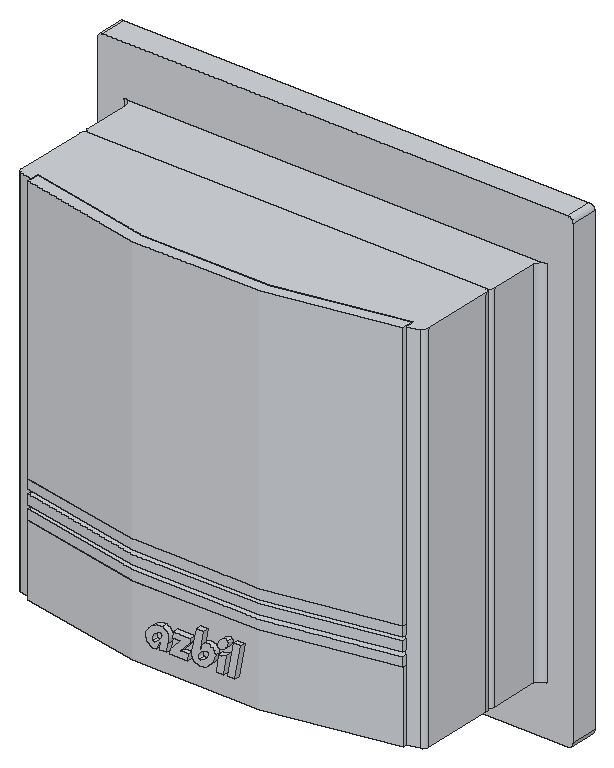
Revit family "室内用湿度ｾﾝｻｰver.2021(ロゴあり)", category 電気設備, Revit 2021
Family settings
  パネル構成 = 二列表示、回路横
  丸型コネクタ寸法 = 直径を使用
  パーツ タイプ = 分電盤
  OmniClass 番号 = 23.80.30.11.17
  OmniClass タイトル = Distribution Boards and Control Panels
  作業面ベース = いいえ
  常に垂直 = はい
  ロード時にボイドで切り取り = いいえ
  共有 = いいえ
  部屋計算ポイント = いいえ
Parameters
  電線管φ [instance] = 1 mm
  Default Elevation = 0 mm
  built-in parameter 1155100 [instance] = -1
  built-in parameter 1140142 [instance] = -1
  built-in parameter 1140140 [instance] = 1 (stored number, unit not read)
Reference planes
  plane 1 "中心(正面/背面)": y = 0
  plane 2: z = 0
  plane 3 "中心(左/右)": x = 0
Forms (mm)
  Extrusion 1, solid
    sketch origin (0, 0, 0) x (1, 0, 0) y (0, 0, 1)
      loop
        arc (-45, -44) -> (-44.707, -44.707) -> (-44, -45) r 1
        line (-44, -45) -> (44, -45)
        arc (44, -45) -> (44.707, -44.707) -> (45, -44) r 1
        line (45, -44) -> (45, 44)
        arc (45, 44) -> (44.707, 44.707) -> (44, 45) r 1
        line (44, 45) -> (-44, 45)
        arc (-44, 45) -> (-44.707, 44.707) -> (-45, 44) r 1
        line (-45, 44) -> (-45, -44)
    from -27.5 to -22.5
  Extrusion 2, solid
    sketch origin (0, 0, 0) x (1, 0, 0) y (0, 1, 0)
      loop
        arc (-40, 22.5) -> (-38.939, 22.061) -> (-38.5, 21) r 1.5
        line (-38.5, 21) -> (-38.5, 12)
        arc (-38.5, 12) -> (-38.207, 11.293) -> (-37.5, 11) r 1
        line (-37.5, 11) -> (37.5, 11)
        arc (37.5, 11) -> (38.207, 11.293) -> (38.5, 12) r 1
        line (38.5, 12) -> (38.5, 21)
        arc (38.5, 21) -> (38.939, 22.061) -> (40, 22.5) r 1.5
        line (40, 22.5) -> (-40, 22.5)
    from -35.5 to 35.41
  Extrusion 3, solid
    sketch origin (0, 0, 0) x (1, 0, 0) y (0, 1, 0)
      loop
        arc (-37.5, 11) -> (-38.207, 10.707) -> (-38.5, 10) r 1
        line (-38.5, 10) -> (-38.5, -3.669)
        arc (-38.5, -3.669) -> (-38.307, -4.259) -> (-37.804, -4.622) r 1
        arc (-37.804, -4.622) -> (-36.654, -4.982) -> (-35.5, -5.331) r 124.5
        line (-35.5, -5.331) -> (-35.5, -3.557)
        arc (-35.5, -3.557) -> (0, -8.8) -> (35.5, -3.557) r 122.8
        line (35.5, -3.557) -> (35.5, -5.331)
        arc (35.5, -5.331) -> (36.654, -4.982) -> (37.804, -4.622) r 124.5
        arc (37.804, -4.622) -> (38.307, -4.259) -> (38.5, -3.669) r 1
        line (38.5, -3.669) -> (38.5, 10)
        arc (38.5, 10) -> (38.207, 10.707) -> (37.5, 11) r 1
        line (37.5, 11) -> (-37.5, 11)
    from -35.5 to 35.5
  Extrusion 4, solid
    sketch origin (0, 0, 0) x (1, 0, 0) y (0, 1, 0)
      loop
        arc (-35.5, -5.853) -> (0, -11) -> (35.5, -5.853) r 125
        line (35.5, -5.853) -> (35.5, -3.557)
        arc (35.5, -3.557) -> (0, -8.8) -> (-35.5, -3.557) r 122.8
        line (-35.5, -3.557) -> (-35.5, -5.853)
    from -35.5 to -22
  Extrusion 5, solid
    sketch origin (0, -0.043, 0) x (1, 0, 0) y (0, 1, 0)
      loop
        arc (-35.5, -5.853) -> (0, -11) -> (35.5, -5.853) r 125
        line (35.5, -5.853) -> (35.5, -3.557)
        arc (35.5, -3.557) -> (0, -8.8) -> (-35.5, -3.557) r 122.8
        line (-35.5, -3.557) -> (-35.5, -5.853)
    from -15 to 35.5
  Extrusion 6, solid
    sketch origin (0, -0.043, -4.4) x (1, 0, 0) y (0, 1, 0)
      loop
        arc (-35.5, -5.853) -> (0, -11) -> (35.5, -5.853) r 125
        line (35.5, -5.853) -> (35.5, -3.557)
        arc (35.5, -3.557) -> (0, -8.8) -> (-35.5, -3.557) r 122.8
        line (-35.5, -3.557) -> (-35.5, -5.853)
    from -15 to -13.2
  Extrusion 7, solid
    sketch origin (0, -0.043, -1.8) x (1, 0, 0) y (0, 1, 0)
      loop
        arc (-35.5, -5.853) -> (0, -11) -> (35.5, -5.853) r 125
        line (35.5, -5.853) -> (35.5, -3.557)
        arc (35.5, -3.557) -> (0, -8.8) -> (-35.5, -3.557) r 122.8
        line (-35.5, -3.557) -> (-35.5, -5.853)
    from -15 to -13.2
  Extrusion 8, solid
    sketch origin (0, -0.043, -7) x (1, 0, 0) y (0, 1, 0)
      loop
        arc (-35.5, -5.853) -> (0, -11) -> (35.5, -5.853) r 125
        line (35.5, -5.853) -> (35.5, -3.557)
        arc (35.5, -3.557) -> (0, -8.8) -> (-35.5, -3.557) r 122.8
        line (-35.5, -3.557) -> (-35.5, -5.853)
    from -15 to -13.2
  Extrusion 9, solid
    sketch origin (0.579, -15.492, -234.375) x (1, 0, 0) y (0, 0, 1)
      loop
        line (2.028, 209.479) -> (0.657, 209.479) -> (-0.164, 205.244)
        arc (-0.164, 205.244) -> (-0.148, 204.505) -> (0.171, 203.837) r 1.754
        arc (0.171, 203.837) -> (1.022, 203.478) -> (1.944, 203.525) r 2.069
        arc (1.944, 203.525) -> (3.516, 204.557) -> (4.213, 206.303) r 3.13
        arc (4.213, 206.303) -> (3.45, 207.476) -> (2.05, 207.488) r 1.479
        line (2.05, 207.488) -> (1.419, 206.337) -> (2.028, 209.479)
      loop
        line (7.636, 209.479) -> (6.586, 203.521) -> (7.957, 203.521) -> (9.008, 209.479) -> (7.636, 209.479)
      loop
        line (5.782, 203.521) -> (6.389, 206.963)
        arc (6.389, 206.963) -> (5.696, 206.683) -> (4.953, 206.603) r 2.712
        line (4.953, 206.603) -> (4.41, 203.521) -> (5.782, 203.521)
      loop
        line (-4.41, 203.521) -> (-0.981, 203.521) -> (-0.781, 204.656) -> (-2.4, 204.656) -> (-0.508, 206.642) -> (-0.342, 207.493) -> (-3.677, 207.493) -> (-3.877, 206.358) -> (-2.297, 206.358) -> (-4.254, 204.401) -> (-4.41, 203.521)
      loop
        arc (-4.811, 205.09) -> (-4.628, 206.587) -> (-5.775, 207.566) r 1.594
        arc (-5.775, 207.566) -> (-7.883, 206.92) -> (-8.997, 205.017) r 3.033
        arc (-8.997, 205.017) -> (-8.305, 203.731) -> (-6.863, 203.502) r 1.646
        line (-6.863, 203.502) -> (-6.23, 204.656) -> (-6.372, 203.521) -> (-4.978, 203.521)
        arc (-4.978, 203.521) -> (-4.916, 204.308) -> (-4.811, 205.09) r 14.52
      loop
        spline (4.823, 207.767) -> (4.981, 207.669) -> (5.188, 207.637) -> (5.429, 207.673) -> (5.689, 207.775) -> (5.949, 207.936) -> (6.192, 208.146) -> (6.401, 208.389) -> (6.562, 208.649) -> (6.665, 208.909) -> (6.701, 209.15) -> (6.669, 209.357) -> (6.571, 209.514)
        spline (6.571, 209.514) -> (6.413, 209.613) -> (6.206, 209.645) -> (5.965, 209.609) -> (5.705, 209.506) -> (5.445, 209.345) -> (5.202, 209.136) -> (4.993, 208.893) -> (4.831, 208.632) -> (4.729, 208.373) -> (4.693, 208.131) -> (4.725, 207.925) -> (4.823, 207.767)
    from -4.5 to -3.547
  Extrusion 10, void
    sketch origin (0.653, -15.156, -234.375) x (1, 0, 0) y (0, 0, 1)
      loop
        spline (-7.641, 204.685) -> (-7.501, 204.603) -> (-7.315, 204.582) -> (-7.094, 204.626) -> (-6.854, 204.73) -> (-6.611, 204.887) -> (-6.381, 205.088) -> (-6.181, 205.318) -> (-6.023, 205.561) -> (-5.919, 205.801) -> (-5.875, 206.022) -> (-5.896, 206.208) -> (-5.978, 206.347)
        spline (-5.978, 206.347) -> (-6.117, 206.43) -> (-6.304, 206.45) -> (-6.525, 206.407) -> (-6.765, 206.303) -> (-7.008, 206.145) -> (-7.238, 205.945) -> (-7.438, 205.715) -> (-7.596, 205.472) -> (-7.7, 205.231) -> (-7.743, 205.011) -> (-7.723, 204.824) -> (-7.641, 204.685)
      loop
        spline (1.155, 204.646) -> (1.294, 204.563) -> (1.48, 204.543) -> (1.701, 204.587) -> (1.941, 204.691) -> (2.184, 204.848) -> (2.414, 205.049) -> (2.615, 205.278) -> (2.772, 205.522) -> (2.876, 205.762) -> (2.92, 205.983) -> (2.899, 206.169) -> (2.817, 206.308)
        spline (2.817, 206.308) -> (2.678, 206.391) -> (2.491, 206.411) -> (2.27, 206.368) -> (2.03, 206.264) -> (1.787, 206.106) -> (1.557, 205.906) -> (1.357, 205.676) -> (1.199, 205.433) -> (1.095, 205.192) -> (1.052, 204.972) -> (1.072, 204.785) -> (1.155, 204.646)
    from -4.163 to -2.257
  Extrusion 11, solid
    sketch origin (0, 0, 0) x (1, 0, 0) y (0, 0, 1)
      loop
        circle (0, 0) r 0.5
    from -27.5 to -11
Cuts and joins
  Extrusion 10 cuts Extrusion 9
Dimensions and locks
  "電線管φ": diameter of Extrusion 11 sketch curve
  aligned and locked: level to plane 2
Automatic sketch dimensions
  Extrusion 1 sketch curve to plane 3 "中心(左/右)" = 45 mm
  Extrusion 1 sketch curve to Extrusion 1 sketch curve = 1 mm  (x3)
  plane 3 "中心(左/右)" to Extrusion 1 sketch curve = 44 mm  (x2)
  Extrusion 1 sketch curve to level = 45 mm
  level to Extrusion 1 sketch curve = 44 mm
  Extrusion 2 sketch curve to plane 3 "中心(左/右)" = 40 mm
  Extrusion 2 sketch curve to Extrusion 2 sketch curve = 1.5 mm  (x2)
  Extrusion 2 sketch curve to Extrusion 2 sketch curve = 1 mm  (x2)
  Extrusion 2 sketch curve to plane 1 "中心(正面/背面)" = 11 mm
  plane 3 "中心(左/右)" to Extrusion 2 sketch curve = 37.5 mm
  Extrusion 2 sketch curve to Extrusion 2 sketch curve = 9 mm  (x2)
  Extrusion 2 sketch curve to Extrusion 2 sketch curve = 0 mm  (x3)
  Extrusion 3 sketch curve to Extrusion 3 sketch curve = 0 mm  (x6)
  Extrusion 3 sketch curve to plane 3 "中心(左/右)" = 0 mm
  plane 1 "中心(正面/背面)" to Extrusion 3 sketch curve = 5.331 mm  (x2)
  Extrusion 3 sketch curve to plane 3 "中心(左/右)" = 35.5 mm
  Extrusion 3 sketch curve to Extrusion 3 sketch curve = 2 mm  (x4)
  Extrusion 3 sketch curve to Extrusion 3 sketch curve = 1 mm  (x2)
  plane 3 "中心(左/右)" to Extrusion 3 sketch curve = 35.5 mm
  Extrusion 3 sketch curve to Extrusion 3 sketch curve = 1.662 mm  (x2)
  Extrusion 3 sketch curve to Extrusion 3 sketch curve = 1.775 mm
  Extrusion 3 sketch curve to plane 1 "中心(正面/背面)" = 10 mm
  Extrusion 3 sketch curve to Extrusion 3 sketch curve = 103 mm
  Extrusion 4 sketch curve to Extrusion 4 sketch curve = 0 mm  (x2)
  Extrusion 4 sketch curve to plane 3 "中心(左/右)" = 0 mm
  plane 1 "中心(正面/背面)" to Extrusion 4 sketch curve = 5.853 mm  (x2)
  Extrusion 4 sketch curve to plane 3 "中心(左/右)" = 35.5 mm
  Extrusion 4 sketch curve to Extrusion 4 sketch curve = 2.296 mm
  Extrusion 4 sketch curve to plane 1 "中心(正面/背面)" = 114 mm
  Extrusion 5 sketch curve to Extrusion 5 sketch curve = 0 mm  (x2)
  Extrusion 5 sketch curve to plane 3 "中心(左/右)" = 0 mm
  plane 1 "中心(正面/背面)" to Extrusion 5 sketch curve = 5.896 mm  (x2)
  Extrusion 5 sketch curve to plane 3 "中心(左/右)" = 35.5 mm
  Extrusion 5 sketch curve to Extrusion 5 sketch curve = 2.296 mm
  Extrusion 5 sketch curve to plane 1 "中心(正面/背面)" = 113.957 mm
  Extrusion 6 sketch curve to Extrusion 6 sketch curve = 0 mm  (x2)
  Extrusion 6 sketch curve to plane 3 "中心(左/右)" = 0 mm
  plane 1 "中心(正面/背面)" to Extrusion 6 sketch curve = 5.896 mm  (x2)
  Extrusion 6 sketch curve to plane 3 "中心(左/右)" = 35.5 mm
  Extrusion 6 sketch curve to Extrusion 6 sketch curve = 2.296 mm
  Extrusion 6 sketch curve to plane 1 "中心(正面/背面)" = 113.957 mm
  Extrusion 7 sketch curve to Extrusion 7 sketch curve = 0 mm  (x2)
  Extrusion 7 sketch curve to plane 3 "中心(左/右)" = 0 mm
  plane 1 "中心(正面/背面)" to Extrusion 7 sketch curve = 5.896 mm  (x2)
  Extrusion 7 sketch curve to plane 3 "中心(左/右)" = 35.5 mm
  Extrusion 7 sketch curve to Extrusion 7 sketch curve = 2.296 mm
  Extrusion 7 sketch curve to plane 1 "中心(正面/背面)" = 113.957 mm
  Extrusion 8 sketch curve to Extrusion 8 sketch curve = 0 mm  (x2)
  Extrusion 8 sketch curve to plane 3 "中心(左/右)" = 0 mm
  plane 1 "中心(正面/背面)" to Extrusion 8 sketch curve = 5.896 mm  (x2)
  Extrusion 8 sketch curve to plane 3 "中心(左/右)" = 35.5 mm
  Extrusion 8 sketch curve to Extrusion 8 sketch curve = 2.296 mm
  Extrusion 8 sketch curve to plane 1 "中心(正面/背面)" = 113.957 mm
  Extrusion 9 sketch curve to plane 3 "中心(左/右)" = 6.773 mm
  Extrusion 9 sketch curve to Extrusion 9 sketch curve = 0.489 mm
  Extrusion 9 sketch curve to Extrusion 9 sketch curve = 0.491 mm
  Extrusion 9 sketch curve to Extrusion 9 sketch curve = 0.142 mm
  Extrusion 9 sketch curve to Extrusion 9 sketch curve = 0.117 mm
  Extrusion 9 sketch curve to Extrusion 9 sketch curve = 0.229 mm
  Extrusion 9 sketch curve to Extrusion 9 sketch curve = 1.394 mm
  Extrusion 9 sketch curve to Extrusion 9 sketch curve = 0.569 mm
  Extrusion 9 sketch curve to Extrusion 9 sketch curve = 0.155 mm
  Extrusion 9 sketch curve to Extrusion 9 sketch curve = 0.378 mm
  Extrusion 9 sketch curve to Extrusion 9 sketch curve = 0.2 mm
  Extrusion 9 sketch curve to plane 3 "中心(左/右)" = 1.82 mm
  Extrusion 9 sketch curve to Extrusion 9 sketch curve = 1.579 mm
  Extrusion 9 sketch curve to plane 3 "中心(左/右)" = 0.402 mm
  Extrusion 9 sketch curve to plane 3 "中心(左/右)" = 0.202 mm
  plane 3 "中心(左/右)" to Extrusion 9 sketch curve = 0.072 mm
  plane 3 "中心(左/右)" to Extrusion 9 sketch curve = 0.237 mm
  plane 3 "中心(左/右)" to Extrusion 9 sketch curve = 0.416 mm
  plane 3 "中心(左/右)" to Extrusion 9 sketch curve = 1.236 mm
  Extrusion 9 sketch curve to Extrusion 9 sketch curve = 1.599 mm
  Extrusion 9 sketch curve to Extrusion 9 sketch curve = 0.289 mm
  Extrusion 9 sketch curve to Extrusion 9 sketch curve = 0.328 mm
  Extrusion 9 sketch curve to Extrusion 9 sketch curve = 0.178 mm
  Extrusion 9 sketch curve to Extrusion 9 sketch curve = 1.372 mm  (x3)
  Extrusion 9 sketch curve to Extrusion 9 sketch curve = 0.631 mm
  Extrusion 9 sketch curve to Extrusion 9 sketch curve = 1.319 mm
  Extrusion 9 sketch curve to Extrusion 9 sketch curve = 1.671 mm
  Extrusion 9 sketch curve to Extrusion 9 sketch curve = 2.215 mm
  Extrusion 9 sketch curve to Extrusion 9 sketch curve = 0.082 mm
  Extrusion 9 sketch curve to Extrusion 9 sketch curve = 1.435 mm
  Extrusion 9 sketch curve to Extrusion 9 sketch curve = 0.804 mm
  Extrusion 9 sketch curve to Extrusion 9 sketch curve = 2.601 mm
  Extrusion 9 sketch curve to Extrusion 9 sketch curve = 1.371 mm
  Extrusion 9 sketch curve to Extrusion 9 sketch curve = 1.566 mm
  Extrusion 9 sketch curve to level = 31.608 mm
  Extrusion 9 sketch curve to Extrusion 9 sketch curve = 0.735 mm
  Extrusion 9 sketch curve to Extrusion 9 sketch curve = 0.019 mm
  Extrusion 9 sketch curve to Extrusion 9 sketch curve = 0.754 mm  (x2)
  Extrusion 9 sketch curve to Extrusion 9 sketch curve = 0 mm  (x2)
  Extrusion 9 sketch curve to Extrusion 9 sketch curve = 0.88 mm
  Extrusion 9 sketch curve to Extrusion 9 sketch curve = 1.02 mm
  Extrusion 9 sketch curve to Extrusion 9 sketch curve = 1.135 mm
  Extrusion 9 sketch curve to Extrusion 9 sketch curve = 0.115 mm
  Extrusion 9 sketch curve to Extrusion 9 sketch curve = 0.255 mm
  Extrusion 9 sketch curve to Extrusion 9 sketch curve = 0.417 mm
  Extrusion 9 sketch curve to Extrusion 9 sketch curve = 0.589 mm
  Extrusion 9 sketch curve to Extrusion 9 sketch curve = 0.605 mm
  Extrusion 9 sketch curve to Extrusion 9 sketch curve = 1.352 mm
  Extrusion 9 sketch curve to Extrusion 9 sketch curve = 0.664 mm
  Extrusion 9 sketch curve to Extrusion 9 sketch curve = 0.822 mm
  Extrusion 9 sketch curve to Extrusion 9 sketch curve = 1.703 mm
  Extrusion 9 sketch curve to Extrusion 9 sketch curve = 0.199 mm
  Extrusion 9 sketch curve to Extrusion 9 sketch curve = 0.423 mm
  Extrusion 9 sketch curve to Extrusion 9 sketch curve = 1.398 mm
  Extrusion 9 sketch curve to Extrusion 9 sketch curve = 0.361 mm
  Extrusion 9 sketch curve to Extrusion 9 sketch curve = 1.151 mm
  Extrusion 9 sketch curve to Extrusion 9 sketch curve = 0.851 mm
  Extrusion 9 sketch curve to Extrusion 9 sketch curve = 2.516 mm
  Extrusion 9 sketch curve to Extrusion 9 sketch curve = 1.991 mm
  Extrusion 9 sketch curve to Extrusion 9 sketch curve = 1.645 mm
  Extrusion 9 sketch curve to Extrusion 9 sketch curve = 0.338 mm
  plane 3 "中心(左/右)" to Extrusion 9 sketch curve = 0.75 mm
  Extrusion 9 sketch curve to Extrusion 9 sketch curve = 0.13 mm
  Extrusion 9 sketch curve to Extrusion 9 sketch curve = 0.662 mm
  Extrusion 9 sketch curve to Extrusion 9 sketch curve = 1.164 mm
  Extrusion 10 sketch curve to plane 3 "中心(左/右)" = 6.988 mm
  plane 3 "中心(左/右)" to Extrusion 10 sketch curve = 1.808 mm
  Extrusion 10 sketch curve to level = 29.729 mm
  Extrusion 10 sketch curve to Extrusion 10 sketch curve = 0.831 mm  (x2)
  Extrusion 10 sketch curve to Extrusion 10 sketch curve = 0.039 mm
  Extrusion 11 sketch curve to level = 0 mm
  Extrusion 11 sketch curve to plane 3 "中心(左/右)" = 0 mm
Connectors
  electrical at (0, 22.5, -0.045)
    settings: on Extrusion 2, index 1, voltage 0 V, apparent load 0 VA, apparent load phase1 0 VA, apparent load phase2 0 VA, apparent load phase3 0 VA, power factor 1, load classification "その他", number of poles 1, system type 31, power factor state 1, is connector primary yes, connector utility no, sub classification motor no, connector description ""
  cabletrayconduit at (0, 27.5, 0), diameter 1, driven by "電線管φ"
    settings: on Extrusion 11, index 2, connector width 300 mm, connector height 300 mm, connector angle 0.00°, system type 32, placement type 0, profile type 0, connector reference index -1, is primary connector yes, connector utility param no, connector description ""
